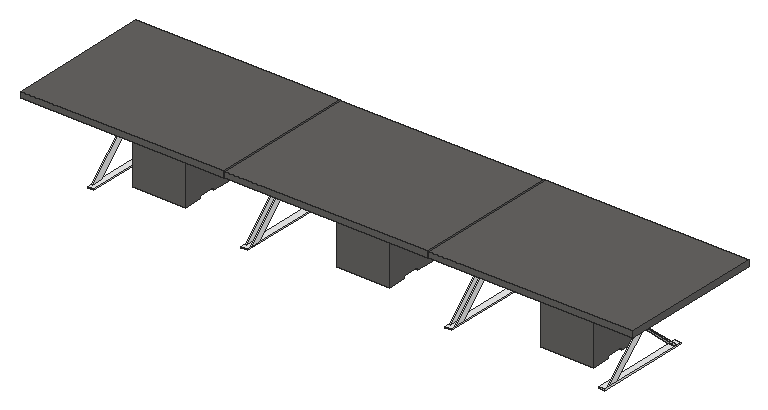
Revit family "Table-Conference-Teknion-ZXTT_X_Leg-R2011", category Furniture, Revit 2013
Parameters (values of type "(See Type Catalog)")
  Width = 228"
  Warranty = "http://www.teknionstudio.com/pdfs/Teknion%20Studio%20Warranty.pdf"
  Unit Weight = 0.00 lbf
  URL = "www.teknionstudio.com"
  Table Top Finish [instance] = Veneer - Teknion - P7 - Grey Oak
  Series = "B&B Italia"
  Product Page URL = "http://www.teknionstudio.com/acexecutive/"
  Product Line = "AC Executive"
  Product Documentation Link = "http://www.teknionstudio.com/pricing/ac_executive_ppg.pdf"
  Part Number = "ZXTT"
  Model = ""
  Manufacturer Phone = "919-464-2920"
  Manufacturer Fax = "919-464-2927"
  Manufacturer Email = "customersupport@teknionstudio.com"
  Manufacturer Address = "3941 US 70 Business HWY West, Clayton, NC 27520"
  Manufacturer = "Teknion Studio"  # constant formula
  Low Emitting Material = yes
  Low Emitting Finish = yes
  Height = 30"  # constant formula
  Frame Finish = Metal - Teknion - C6 - Chrome
  Description = ""
  Depth = 54"
  Assembly Code = "E2020200"
Reference planes (in)
  plane 1 "Center F/B": y = 0
  plane 2: z = 0
  plane 3 "Center L/R": x = 0
  plane 4 "Left": x = -114
  plane 5 "Right": x = 114
  plane 6 "Back": y = 27
  plane 7 "Front": y = -27
  plane 8 "Top": z = 30
  plane 9: z = 27.9528
  plane 10: y = 17.71654
  plane 11: y = -17.71654
  plane 12: x = -96.2755
  plane 13: x = 96.27548
  plane 14: x = -38
  plane 15: x = 38
  plane 16: x = -76
  plane 17: x = 76
Forms (in)
  Sweep 1, solid, material "Metal - Teknion - C6 - Chrome" <- "Frame Finish"
    path origin (0, 0, 30) x (-1, 0, 0) y (0, -1, 0)
      loop
        line (0, -17.71654) -> (0, 17.71654)
    profile origin (0, 0, 30) x (1, 0, 0) y (0, 0, 1)
      loop
        line (-96.2755, -2.0472) -> (-96.2755, -2.4409) -> (-93.9133, -2.4409) -> (-93.9133, -2.0472) -> (-96.2755, -2.0472)
      loop
        line (96.27548, -2.0472) -> (93.91328, -2.0472) -> (93.91328, -2.4409) -> (96.27548, -2.4409) -> (96.27548, -2.0472)
      loop
        line (96.27548, -29.6063) -> (93.91328, -29.6063) -> (93.91328, -30) -> (96.27548, -30) -> (96.27548, -29.6063)
      loop
        line (-96.2755, -29.6063) -> (-96.2755, -30) -> (-93.9133, -30) -> (-93.9133, -29.6063) -> (-96.2755, -29.6063)
      loop
        line (-39.1811, -2.0472) -> (-39.1811, -2.4409) -> (-36.8189, -2.4409) -> (-36.8189, -2.0472) -> (-39.1811, -2.0472)
      loop
        line (-39.1811, -29.6063) -> (-39.1811, -30) -> (-36.8189, -30) -> (-36.8189, -29.6063) -> (-39.1811, -29.6063)
      loop
        line (36.8189, -2.0472) -> (36.8189, -2.4409) -> (39.1811, -2.4409) -> (39.1811, -2.0472) -> (36.8189, -2.0472)
      loop
        line (36.8189, -29.6063) -> (36.8189, -30) -> (39.1811, -30) -> (39.1811, -29.6063) -> (36.8189, -29.6063)
  Sweep 2, solid, material "Metal - Teknion - C6 - Chrome" <- "Frame Finish"
    path origin (0, 0, 0) x (1, 0, 0) y (0, 0, 1)
      loop
        line (-96.2755, 0) -> (-95.8818, 0)
    profile origin (-96.07865, 0, 0) x (0, 0, 1) y (0, -1, 0)
      loop
        line (27.5591, -12.34961) -> (0.3937, 15.74803) -> (0.3937, 12.34957) -> (27.5591, -15.74808) -> (27.5591, -12.34961)
  Sweep 3, solid, material "Metal - Teknion - C6 - Chrome" <- "Frame Finish"
    path origin (79.6063, 0, 0) x (1, 0, 0) y (0, 0, 1)
      loop
        line (16.27548, 0) -> (16.66918, 0)
    profile origin (96.07863, 0, 0) x (0, 0, 1) y (0, -1, 0)
      loop
        line (27.5591, -15.74808) -> (27.5591, -12.34961) -> (0.3937, 15.74803) -> (0.3937, 12.34957) -> (27.5591, -15.74808)
  Sweep 4, solid, material "Metal - Teknion - C6 - Chrome" <- "Frame Finish"
    path origin (0, 0, 0) x (1, 0, 0) y (0, 0, 1)
      loop
        line (-93.9133, 0) -> (-96.2755, 0)
    profile origin (-95.0944, 0, 0) x (0, 0, -1) y (0, -1, 0)
      loop
        line (-27.55915, 15.74814) -> (-27.55915, 15.15186) -> (-0.39369, -15.74804) -> (-0.39369, -15.15176) -> (-27.55915, 15.74814)
  Sweep 5, solid, material "Metal - Teknion - C6 - Chrome" <- "Frame Finish"
    path origin (0, 0, 0) x (-1, 0, 0) y (0, 0, 1)
      loop
        line (-93.91328, 0) -> (-96.27548, 0)
    profile origin (95.09438, 0, 0) x (0, 0, 1) y (0, -1, 0)
      loop
        line (27.55915, 15.15186) -> (27.55915, 15.74814) -> (0.39369, -15.15176) -> (0.39369, -15.74804) -> (27.55915, 15.15186)
  Sweep 6, solid, material "Metal - Teknion - C6 - Chrome" <- "Frame Finish"
    path origin (0, 0, 30) x (-1, 0, 0) y (0, -1, 0)
      loop
        line (96.2755, 0) -> (-96.27548, 0)
    profile origin (-0.00001, 0, 30) x (0, 1, 0) y (0, 0, 1)
      loop
        line (11.60094, -5.90283) -> (9.88694, -7.55995) -> (10.17452, -7.82954) -> (11.87278, -6.18762) -> (11.60094, -5.90283)
      loop
        line (-11.67496, -5.49755) -> (-11.9349, -5.79323) -> (-10.16085, -7.35288) -> (-9.9009, -7.0572) -> (-11.67496, -5.49755)
  Sweep 7, solid, material "Veneer - Teknion - P7 - Grey Oak" <- "Table Top Finish"
    path origin (0, 0, 30) x (-1, 0, 0) y (0, -1, 0)
      loop
        line (-66.138, 0) -> (-85.862, 0)
    profile origin (76, 0, 30) x (0, 1, 0) y (0, 0, 1)
      loop
        line (-9.862, -2.0472) -> (-9.862, -29.49924) -> (-3.431, -29.49924) -> (-3.431, -28.99924)
        arc (-3.431, -28.99924) -> (-3.28455, -28.64569) -> (-2.931, -28.49924) r 0.5
        line (-2.931, -28.49924) -> (2.931, -28.49924)
        arc (2.931, -28.49924) -> (3.28455, -28.64569) -> (3.431, -28.99924) r 0.5
        line (3.431, -28.99924) -> (3.431, -29.49924) -> (9.862, -29.49924) -> (9.862, -2.0472) -> (6.862, -2.0472) -> (6.862, -3.54724)
        arc (6.862, -3.54724) -> (6.71555, -3.9008) -> (6.362, -4.04724) r 0.5
        line (6.362, -4.04724) -> (-6.362, -4.04724)
        arc (-6.362, -4.04724) -> (-6.71555, -3.9008) -> (-6.862, -3.54724) r 0.5
        line (-6.862, -3.54724) -> (-6.862, -2.0472) -> (-9.862, -2.0472)
      loop
        arc (-2.931, -8.60376) -> (-3.28455, -8.7502) -> (-3.431, -9.10376) r 0.5
        line (-3.431, -9.10376) -> (-3.431, -10.10376)
        arc (-3.431, -10.10376) -> (-3.28455, -10.45731) -> (-2.931, -10.60376) r 0.5
        line (-2.931, -10.60376) -> (2.931, -10.60376)
        arc (2.931, -10.60376) -> (3.28455, -10.45731) -> (3.431, -10.10376) r 0.5
        line (3.431, -10.10376) -> (3.431, -9.10376)
        arc (3.431, -9.10376) -> (3.28455, -8.7502) -> (2.931, -8.60376) r 0.5
        line (2.931, -8.60376) -> (-2.931, -8.60376)
  Sweep 8, solid, material "Metal - Teknion - C6 - Chrome" <- "Frame Finish"
    path origin (0, 0, 0) x (1, 0, 0) y (0, 0, 1)
      loop
        line (0, 0) -> (0, 0.50076)
    profile origin (0, 0, 0.25038) x (-1, 0, 0) y (0, -1, 0)
      loop
        circle (-82.862, -6.862) r 1
      loop
        circle (-69.138, -6.862) r 1
      loop
        circle (-69.138, 6.862) r 1
      loop
        circle (-82.862, 6.862) r 1
      loop
        circle (-6.98012, -6.862) r 1
      loop
        circle (6.74388, -6.862) r 1
      loop
        circle (6.74388, 6.862) r 1
      loop
        circle (-6.98012, 6.862) r 1
      loop
        circle (69.138, -6.862) r 1
      loop
        circle (82.862, -6.862) r 1
      loop
        circle (82.862, 6.862) r 1
      loop
        circle (69.138, 6.862) r 1
  Sweep 9, solid, material "Metal - Teknion - C6 - Chrome" <- "Frame Finish"
    path origin (0, 0, 30) x (-1, 0, 0) y (0, -1, 0)
      loop
        line (36.8189, 0) -> (37.2126, 0)
    profile origin (-37.01575, 0, 30) x (0, -1, 0) y (0, 0, 1)
      loop
        line (-15.74808, -2.4409) -> (12.34957, -29.6063) -> (15.74803, -29.6063) -> (-12.34961, -2.4409) -> (-15.74808, -2.4409)
  Sweep 10, solid, material "Metal - Teknion - C6 - Chrome" <- "Frame Finish"
    path origin (0, 0, 30) x (-1, 0, 0) y (0, -1, 0)
      loop
        line (39.1811, 0) -> (38.7874, 0)
    profile origin (-38.98425, 0, 30) x (0, 1, 0) y (0, 0, 1)
      loop
        line (12.34961, -2.4409) -> (-15.74803, -29.6063) -> (-12.34957, -29.6063) -> (15.74808, -2.4409) -> (12.34961, -2.4409)
  Sweep 11, solid, material "Metal - Teknion - C6 - Chrome" <- "Frame Finish"
    path origin (0, 0, 30) x (-1, 0, 0) y (0, -1, 0)
      loop
        line (39.1811, 0) -> (36.8189, 0)
    profile origin (-38, 0, 30) x (0, 1, 0) y (0, 0, 1)
      loop
        line (15.74803, -29.6063) -> (-15.15181, -2.4409) -> (-15.74808, -2.4409) -> (15.15175, -29.6063) -> (15.74803, -29.6063)
  Sweep 12, solid, material "Veneer - Teknion - P7 - Grey Oak" <- "Table Top Finish"
    path origin (0, 0, 30) x (-1, 0, 0) y (0, -1, 0)
      loop
        line (66.138, 0) -> (85.862, 0)
    profile origin (-76, 0, 30) x (0, -1, 0) y (0, 0, 1)
      loop
        arc (-6.362, -4.04724) -> (-6.71555, -3.9008) -> (-6.862, -3.54724) r 0.5
        line (-6.862, -3.54724) -> (-6.862, -2.0472) -> (-9.862, -2.0472) -> (-9.862, -29.49924) -> (-3.431, -29.49924) -> (-3.431, -28.99924)
        arc (-3.431, -28.99924) -> (-3.28455, -28.64569) -> (-2.931, -28.49924) r 0.5
        line (-2.931, -28.49924) -> (2.931, -28.49924)
        arc (2.931, -28.49924) -> (3.28455, -28.64569) -> (3.431, -28.99924) r 0.5
        line (3.431, -28.99924) -> (3.431, -29.49924) -> (9.862, -29.49924) -> (9.862, -2.0472) -> (6.862, -2.0472) -> (6.862, -3.54724)
        arc (6.862, -3.54724) -> (6.71555, -3.9008) -> (6.362, -4.04724) r 0.5
        line (6.362, -4.04724) -> (-6.362, -4.04724)
      loop
        line (2.931, -8.60376) -> (-2.931, -8.60376)
        arc (-2.931, -8.60376) -> (-3.28455, -8.7502) -> (-3.431, -9.10376) r 0.5
        line (-3.431, -9.10376) -> (-3.431, -10.10376)
        arc (-3.431, -10.10376) -> (-3.28455, -10.45731) -> (-2.931, -10.60376) r 0.5
        line (-2.931, -10.60376) -> (2.931, -10.60376)
        arc (2.931, -10.60376) -> (3.28455, -10.45731) -> (3.431, -10.10376) r 0.5
        line (3.431, -10.10376) -> (3.431, -9.10376)
        arc (3.431, -9.10376) -> (3.28455, -8.7502) -> (2.931, -8.60376) r 0.5
  Sweep 13, solid, material "Metal - Teknion - C6 - Chrome" <- "Frame Finish"
    path origin (0, 0, 30) x (-1, 0, 0) y (0, -1, 0)
      loop
        line (-36.8189, 0) -> (-39.1811, 0)
    profile origin (38, 0, 30) x (0, 1, 0) y (0, 0, 1)
      loop
        line (15.74803, -29.6063) -> (-15.15181, -2.4409) -> (-15.74808, -2.4409) -> (15.15175, -29.6063) -> (15.74803, -29.6063)
  Sweep 14, solid, material "Metal - Teknion - C6 - Chrome" <- "Frame Finish"
    path origin (0, 0, 30) x (-1, 0, 0) y (0, -1, 0)
      loop
        line (-39.1811, 0) -> (-38.7874, 0)
    profile origin (38.98425, 0, 30) x (0, -1, 0) y (0, 0, 1)
      loop
        line (-15.74808, -2.4409) -> (12.34957, -29.6063) -> (15.74803, -29.6063) -> (-12.34961, -2.4409) -> (-15.74808, -2.4409)
  Sweep 15, solid, material "Metal - Teknion - C6 - Chrome" <- "Frame Finish"
    path origin (0, 0, 30) x (-1, 0, 0) y (0, -1, 0)
      loop
        line (-36.8189, 0) -> (-37.2126, 0)
    profile origin (37.01575, 0, 30) x (0, 1, 0) y (0, 0, 1)
      loop
        line (12.34961, -2.4409) -> (-15.74803, -29.6063) -> (-12.34957, -29.6063) -> (15.74808, -2.4409) -> (12.34961, -2.4409)
  Sweep 16, solid, material "Veneer - Teknion - P7 - Grey Oak" <- "Table Top Finish"
    path origin (0, 0, 30) x (-1, 0, 0) y (0, -1, 0)
      loop
        line (9.862, 0) -> (-9.862, 0)
    profile origin (0, 0, 30) x (0, 1, 0) y (0, 0, 1)
      loop
        line (-9.862, -2.0472) -> (-9.862, -29.49924) -> (-3.431, -29.49924) -> (-3.431, -28.99924)
        arc (-3.431, -28.99924) -> (-3.28455, -28.64569) -> (-2.931, -28.49924) r 0.5
        line (-2.931, -28.49924) -> (2.931, -28.49924)
        arc (2.931, -28.49924) -> (3.28455, -28.64569) -> (3.431, -28.99924) r 0.5
        line (3.431, -28.99924) -> (3.431, -29.49924) -> (9.862, -29.49924) -> (9.862, -2.0472) -> (6.862, -2.0472) -> (6.862, -3.54724)
        arc (6.862, -3.54724) -> (6.71555, -3.9008) -> (6.362, -4.04724) r 0.5
        line (6.362, -4.04724) -> (-6.362, -4.04724)
        arc (-6.362, -4.04724) -> (-6.71555, -3.9008) -> (-6.862, -3.54724) r 0.5
        line (-6.862, -3.54724) -> (-6.862, -2.0472) -> (-9.862, -2.0472)
      loop
        arc (-2.931, -8.60376) -> (-3.28455, -8.7502) -> (-3.431, -9.10376) r 0.5
        line (-3.431, -9.10376) -> (-3.431, -10.10376)
        arc (-3.431, -10.10376) -> (-3.28455, -10.45731) -> (-2.931, -10.60376) r 0.5
        line (-2.931, -10.60376) -> (2.931, -10.60376)
        arc (2.931, -10.60376) -> (3.28455, -10.45731) -> (3.431, -10.10376) r 0.5
        line (3.431, -10.10376) -> (3.431, -9.10376)
        arc (3.431, -9.10376) -> (3.28455, -8.7502) -> (2.931, -8.60376) r 0.5
        line (2.931, -8.60376) -> (-2.931, -8.60376)
  Sweep 17, solid, material "Veneer - Teknion - P7 - Grey Oak" <- "Table Top Finish"
    path origin (0, 0, 30) x (-1, 0, 0) y (0, -1, 0)
      loop
        line (0, -27) -> (0, 27)
    profile origin (0, 0, 30) x (1, 0, 0) y (0, 0, 1)
      loop
        line (-114, 0) -> (-114, -2.0472) -> (-38.03125, -2.0472) -> (-38.03125, 0) -> (-114, 0)
      loop
        line (-37.96875, -2.0472) -> (37.96875, -2.0472) -> (37.96875, 0) -> (-37.96875, 0) -> (-37.96875, -2.0472)
      loop
        line (38.03125, 0) -> (38.03125, -2.0472) -> (114, -2.0472) -> (114, 0) -> (38.03125, 0)
Cuts and joins
  joined: Sweep 2, Sweep 3, Sweep 4, Sweep 5, Sweep 6, Sweep 9, Sweep 10, Sweep 11, Sweep 13, Sweep 14, Sweep 15
Lines and regions (in)
  Masking region 1
    outline origin (0, 0, 30) x (-1, 0, 0) y (0, -1, 0)
      loop
        line (114, -27) -> (114, 27) -> (-114, 27) -> (-114, -27) -> (114, -27)
  symbolic lines, style "FurnitureHiddenLines", detail levels medium+fine
    curve 1: line (-96.2755, 17.71654, 30) -> (-93.9133, 17.71654, 30)
    curve 2: line (-93.9133, 17.71654, 30) -> (-93.9133, -17.71654, 30)
    curve 3: line (-93.9133, -17.71654, 30) -> (-96.2755, -17.71654, 30)
    curve 4: line (96.27548, 17.71654, 30) -> (93.91328, 17.71654, 30)
    curve 5: line (93.91328, 17.71654, 30) -> (93.91328, -17.71654, 30)
    curve 6: line (93.91328, -17.71654, 30) -> (96.27548, -17.71654, 30)
    curve 7: line (-96.2755, 17.71654, 30) -> (-96.2755, -17.71654, 30)
    curve 8: line (96.27548, 17.71654, 30) -> (96.27548, -17.71654, 30)
    curve 17: line (-39.1811, 17.71654, 30) -> (-36.8189, 17.71654, 30)
    curve 18: line (-36.8189, 17.71654, 30) -> (-36.8189, -17.71654, 30)
    curve 19: line (-36.8189, -17.71654, 30) -> (-39.1811, -17.71654, 30)
    curve 20: line (-39.1811, 17.71654, 30) -> (-39.1811, -17.71654, 30)
    curve 21: line (36.8189, 17.71654, 30) -> (39.1811, 17.71654, 30)
    curve 22: line (39.1811, 17.71654, 30) -> (39.1811, -17.71654, 30)
    curve 23: line (39.1811, -17.71654, 30) -> (36.8189, -17.71654, 30)
    curve 24: line (36.8189, 17.71654, 30) -> (36.8189, -17.71654, 30)
  symbolic lines, style "FurnitureHiddenLines", detail levels fine
    curve 9: line (66.11236, 9.88694, 30) -> (85.88764, 9.88694, 30)
    curve 10: line (66.11236, -9.9009, 30) -> (66.11236, 9.88694, 30)
    curve 11: line (85.88764, -9.9009, 30) -> (66.11236, -9.9009, 30)
    curve 12: line (-66.11235, 9.88694, 30) -> (-85.88765, 9.88694, 30)
    curve 13: line (-66.11235, -9.9009, 30) -> (-66.11235, 9.88694, 30)
    curve 14: line (-85.88765, -9.9009, 30) -> (-66.11235, -9.9009, 30)
    curve 25: line (85.88764, -9.9009, 30) -> (85.88764, 9.88694, 30)
    curve 26: line (-85.88765, -9.9009, 30) -> (-85.88765, 9.88694, 30)
    curve 27: line (9.88765, 9.88694, 30) -> (-9.88765, 9.88694, 30)
    curve 28: line (9.88765, -9.9009, 30) -> (9.88765, 9.88694, 30)
    curve 29: line (-9.88765, -9.9009, 30) -> (9.88765, -9.9009, 30)
    curve 30: line (-9.88765, -9.9009, 30) -> (-9.88765, 9.88694, 30)
  symbolic lines, style "Tabletop"
    curve 15: line (-38, -27, 30) -> (-38, 27, 30)
    curve 16: line (38, 27, 30) -> (38, -27, 30)
Dimensions and locks (in)
  "Height": plane 8 "Top" to plane 2
  equal spacing: plane 4 "Left", plane 3 "Center L/R", plane 5 "Right"
  "Width": plane 4 "Left" to plane 5 "Right"
  equal spacing: plane 6 "Back", plane 1 "Center F/B", plane 7 "Front"
  "Depth": plane 6 "Back" to plane 7 "Front"
  locked: plane 8 "Top" to plane 9 at 2.0472
  locked: plane 9 to Sweep 1 sketch curve at 0.3937  (x4)
  locked: Sweep 1 sketch curve to plane 13 at 2.3622  (x2)
  locked: Sweep 1 sketch curve to plane 2 at 0.3937  (x4)
  locked: plane 1 "Center F/B" to plane 10 at 17.71654
  equal spacing: plane 10, plane 1 "Center F/B", plane 11
  locked: Sweep 2 sketch curve to plane 12 at 0.3937
  locked: plane 9 to Sweep 2 sketch curve at 0.3937
  locked: Sweep 2 sketch curve to plane 2 at 0.3937
  Sweep 2 sketch curve to plane 1 "Center F/B" to Sweep 2 sketch curve = 15.74808" locked, 15.74803" locked
  locked: plane 13 to Sweep 3 sketch curve at 0.3937
  locked: plane 9 to Sweep 3 sketch curve at 0.3937
  locked: Sweep 3 sketch curve to plane 2 at 0.3937
  Sweep 3 sketch curve to plane 1 "Center F/B" to Sweep 3 sketch curve = 15.74808" locked, 15.74803" locked
  locked: Sweep 4 sketch curve to plane 12 at 2.3622
  locked: plane 9 to Sweep 4 sketch curve at 0.39365
  locked: Sweep 4 sketch curve to plane 2 at 0.39369
  Sweep 4 sketch curve to plane 1 "Center F/B" to Sweep 4 sketch curve = 15.74804" locked, 15.74814" locked
  locked: plane 13 to Sweep 5 sketch curve at 2.3622
  locked: plane 9 to Sweep 5 sketch curve at 0.39365
  locked: Sweep 5 sketch curve to plane 2 at 0.39369
  Sweep 5 sketch curve to plane 1 "Center F/B" to Sweep 5 sketch curve = 15.74804" locked, 15.74814" locked
  plane 8 "Top" to Sweep 6 sketch curve to Sweep 6 sketch curve = 5.90283" locked, 1.92671" locked
  locked: plane 12 to curve 2 at 2.3622
  locked: curve 5 to plane 13 at 2.3622
  locked: plane 13 to plane 5 "Right" at 17.72452
  locked: plane 4 "Left" to plane 12 at 17.7245
  locked: Sweep 1 sketch curve to plane 12 at 2.3622  (x2)
  locked: Sweep 5 sketch curve to Sweep 5 sketch curve at 0.3937
  locked: Sweep 3 sketch curve to Sweep 3 sketch curve at 2.3622
  locked: Sweep 2 sketch curve to Sweep 2 sketch curve at 2.3622
  Sweep 6 sketch curve to Sweep 6 sketch curve to plane 10 = 1.98584" locked, 5 27/32" locked
  locked: Sweep 6 sketch curve to Sweep 6 sketch curve at 0.3937  (x2)
  plane 11 to Sweep 6 sketch curve to Sweep 6 sketch curve = 6.04158" locked, 1.77406" locked
  plane 8 "Top" to Sweep 6 sketch curve to Sweep 6 sketch curve = 5.79323" locked, 1.55965" locked
  plane 9 to Sweep 7 sketch curve to Sweep 7 sketch curve to Sweep 7 sketch curve to Sweep 7 sketch curve to Sweep 7 sketch curve = 2.00004" locked, 4.55651" locked, 2" locked, 17.89549" locked, 1" locked
  Sweep 7 sketch curve to plane 1 "Center F/B" to Sweep 7 sketch curve = 9.862" locked, 9.862" locked
  Sweep 7 sketch curve to plane 1 "Center F/B" to Sweep 7 sketch curve = 3.431" locked, 3.431" locked  (x2)
  Sweep 7 sketch curve to plane 1 "Center F/B" to Sweep 7 sketch curve = 6.862" locked, 6.862" locked
  locked: Sweep 8 sketch curve to plane 2 at 0.50076
  curve 11 to plane 1 "Center F/B" to curve 9 = 9.9009" locked, 9.88694" locked
  locked: plane 9 to Sweep 9 sketch curve at 0.3937
  locked: Sweep 9 sketch curve to plane 2 at 0.3937
  Sweep 9 sketch curve to Sweep 9 sketch curve to plane 1 "Center F/B" = 3.39847" locked, 12.34957" locked
  plane 1 "Center F/B" to Sweep 9 sketch curve to Sweep 9 sketch curve = 12.34961" locked, 3.39847" locked
  locked: Sweep 9 sketch curve to Sweep 9 sketch curve at 2.3622
  locked: plane 9 to Sweep 10 sketch curve at 0.3937
  locked: Sweep 10 sketch curve to plane 2 at 0.3937
  locked: Sweep 10 sketch curve to Sweep 10 sketch curve at 2.3622
  Sweep 10 sketch curve to Sweep 10 sketch curve to plane 1 "Center F/B" = 3.39847" locked, 12.34957" locked
  plane 1 "Center F/B" to Sweep 10 sketch curve to Sweep 10 sketch curve = 12.34961" locked, 3.39847" locked
  locked: Sweep 7 sketch curve to Sweep 7 sketch curve at 19.724
  locked: plane 9 to Sweep 11 sketch curve at 0.3937
  locked: Sweep 11 sketch curve to plane 2 at 0.3937
  Sweep 11 sketch curve to Sweep 11 sketch curve to plane 1 "Center F/B" = 0.59628" locked, 15.15181" locked
  plane 1 "Center F/B" to Sweep 11 sketch curve to Sweep 11 sketch curve = 15.15175" locked, 0.59628" locked
  locked: Sweep 11 sketch curve to Sweep 11 sketch curve at 0.3937
  locked: Sweep 12 sketch curve to plane 2 at 0.50076  (x2)
  locked: Sweep 12 sketch curve to plane 2 at 1.50076
  Sweep 12 sketch curve to plane 1 "Center F/B" to Sweep 12 sketch curve = 3.431" locked, 3.431" locked  (x2)
  plane 9 to Sweep 12 sketch curve to Sweep 12 sketch curve = 6.55656" locked, 2" locked
  Sweep 12 sketch curve to plane 1 "Center F/B" to Sweep 12 sketch curve = 6.862" locked, 6.862" locked
  locked: plane 9 to Sweep 12 sketch curve at 2.00004
  curve 14 to plane 1 "Center F/B" to curve 12 = 9.9009" locked, 9.88694" locked
  locked: Sweep 1 sketch curve to Sweep 1 sketch curve at 2.3622  (x4)
  locked: Sweep 11 sketch curve to Sweep 11 sketch curve at 2.3622
  locked: Sweep 13 sketch curve to plane 2 at 0.3937
  locked: plane 9 to Sweep 13 sketch curve at 0.3937
  Sweep 13 sketch curve to Sweep 13 sketch curve to plane 1 "Center F/B" = 0.59628" locked, 15.15181" locked
  plane 1 "Center F/B" to Sweep 13 sketch curve to Sweep 13 sketch curve = 15.15175" locked, 0.59628" locked
  locked: plane 9 to Sweep 14 sketch curve at 0.3937
  locked: Sweep 14 sketch curve to plane 2 at 0.3937
  locked: Sweep 14 sketch curve to Sweep 14 sketch curve at 2.3622
  Sweep 14 sketch curve to Sweep 14 sketch curve to plane 1 "Center F/B" = 3.39847" locked, 12.34957" locked
  plane 1 "Center F/B" to Sweep 14 sketch curve to Sweep 14 sketch curve = 12.34961" locked, 3.39847" locked
  locked: plane 9 to Sweep 15 sketch curve at 0.3937
  locked: Sweep 15 sketch curve to plane 2 at 0.3937
  Sweep 15 sketch curve to Sweep 15 sketch curve to plane 1 "Center F/B" = 3.39847" locked, 12.34957" locked
  plane 1 "Center F/B" to Sweep 15 sketch curve to Sweep 15 sketch curve = 12.34961" locked, 3.39847" locked
  Sweep 16 sketch curve to plane 3 "Center L/R" to Sweep 16 sketch curve = 9.862" locked, 9.862" locked
  Sweep 16 sketch curve to plane 1 "Center F/B" to Sweep 16 sketch curve = 9.862" locked, 9.862" locked
  Sweep 16 sketch curve to plane 1 "Center F/B" to Sweep 16 sketch curve = 6.862" locked, 6.862" locked
  Sweep 16 sketch curve to plane 1 "Center F/B" to Sweep 16 sketch curve = 3.431" locked, 3.431" locked  (x2)
  locked: Sweep 16 sketch curve to plane 2 at 1.50076
  locked: Sweep 16 sketch curve to plane 2 at 0.50076  (x2)
  locked: plane 9 to Sweep 16 sketch curve at 2.00004
  plane 9 to Sweep 16 sketch curve to Sweep 16 sketch curve = 6.55656" locked, 2" locked
  Sweep 12 sketch curve to plane 1 "Center F/B" to Sweep 12 sketch curve = 9.862" locked, 9.862" locked
  Sweep 8 sketch curve to plane 3 "Center L/R" to Sweep 8 sketch curve = 6.74388" locked, 6.98012" locked  (x2)
  Sweep 8 sketch curve to plane 1 "Center F/B" to Sweep 8 sketch curve = 6.862" locked, 6.862" locked  (x6)
  locked: Sweep 8 sketch curve to Sweep 8 sketch curve at 13.724  (x4)
  equal spacing: plane 4 "Left", plane 14, plane 15, plane 5 "Right"
  equal spacing: Sweep 1 sketch curve, plane 14, Sweep 1 sketch curve  (x2)
  equal spacing: Sweep 1 sketch curve, plane 15, Sweep 1 sketch curve  (x2)
  equal spacing: Sweep 11 sketch curve, plane 14, Sweep 11 sketch curve
  plane 14 to Sweep 9 sketch curve to Sweep 9 sketch curve = 0.7874" locked, 0.3937" locked
  Sweep 10 sketch curve to Sweep 10 sketch curve to plane 14 = 0.3937" locked, 0.7874" locked
  equal spacing: Sweep 13 sketch curve, plane 15, Sweep 13 sketch curve
  locked: Sweep 13 sketch curve to Sweep 13 sketch curve at 2.3622
  plane 15 to Sweep 14 sketch curve to Sweep 14 sketch curve = 0.7874" locked, 0.3937" locked
  Sweep 15 sketch curve to Sweep 15 sketch curve to plane 15 = 0.3937" locked, 0.7874" locked
  equal spacing: plane 4 "Left", plane 16, plane 14
  equal spacing: plane 15, plane 17, plane 5 "Right"
  locked: Sweep 12 sketch curve to Sweep 12 sketch curve at 19.724
  equal spacing: Sweep 12 sketch curve, plane 16, Sweep 12 sketch curve, locked at 9.862 each
  equal spacing: Sweep 7 sketch curve, plane 17, Sweep 7 sketch curve, locked at 9.862 each
  equal spacing: Sweep 8 sketch curve, plane 17, Sweep 8 sketch curve, locked at 6.862 each  (x2)
  equal spacing: Sweep 8 sketch curve, plane 16, Sweep 8 sketch curve, locked at 6.862 each  (x2)
  equal spacing: curve 20, plane 14, curve 18, locked at 1.1811 each
  curve 24 to plane 15 to curve 22 = 1.1811" locked, 1.1811" locked
  curve 10 to plane 17 to curve 25 = 9.88764" locked, 9.88764" locked
  curve 26 to plane 16 to curve 13 = 9.88765" locked, 9.88765" locked
  curve 29 to plane 1 "Center F/B" to curve 27 = 9.9009" locked, 9.88694" locked
  curve 30 to plane 3 "Center L/R" to curve 28 = 9.88765" locked, 9.88765" locked
  locked: plane 15 to Sweep 17 sketch curve at 0.03125  (x2)
  locked: Sweep 17 sketch curve to plane 14 at 0.03125
  locked: plane 14 to Sweep 17 sketch curve at 0.03125
  aligned and locked: plane 2 to level
  aligned and locked: Sweep 1 sketch curve to plane 3 "Center L/R"
  aligned and locked: plane 10 to Sweep 1 sketch curve
  aligned and locked: plane 11 to Sweep 1 sketch curve
  aligned and locked: Sweep 1 sketch curve to plane 9  (x2)
  aligned and locked: Sweep 1 sketch curve to plane 2
  aligned and locked: plane 9 to Sweep 1 sketch curve
  aligned and locked: plane 2 to Sweep 1 sketch curve  (x2)
  aligned and locked: Sweep 2 sketch curve to plane 2
  aligned and locked: Sweep 3 sketch curve to plane 2
  aligned and locked: plane 2 to Sweep 4 sketch curve
  aligned and locked: Sweep 5 sketch curve to plane 2
  aligned and locked: plane 1 "Center F/B" to Sweep 6 sketch curve
  aligned and locked: Masking region 1 sketch curve to plane 6 "Back"
  aligned and locked: Masking region 1 sketch curve to plane 7 "Front"
  aligned and locked: Masking region 1 sketch curve to plane 5 "Right"
  aligned and locked: Masking region 1 sketch curve to plane 4 "Left"
  aligned and locked: plane 11 to curve 3
  aligned and locked: curve 1 to plane 10
  aligned and locked: curve 6 to plane 11
  aligned and locked: plane 12 to Sweep 1 sketch curve  (x2)
  aligned and locked: plane 13 to Sweep 1 sketch curve  (x2)
  aligned and locked: plane 13 to Sweep 3 sketch curve
  aligned and locked: plane 12 to Sweep 2 sketch curve
  aligned and locked: plane 12 to Sweep 4 sketch curve
  aligned and locked: plane 13 to Sweep 5 sketch curve
  aligned and locked: plane 13 to Sweep 6 sketch curve
  aligned and locked: plane 12 to Sweep 6 sketch curve
  aligned and locked: plane 1 "Center F/B" to Sweep 7 sketch curve
  aligned and locked: Sweep 7 sketch curve to plane 9  (x2)
  aligned and locked: plane 2 to Sweep 8 sketch curve
  aligned and locked: plane 3 "Center L/R" to Sweep 8 sketch curve
  aligned and locked: curve 7 to plane 12
  aligned and locked: plane 11 to curve 7
  aligned and locked: curve 8 to plane 13
  aligned and locked: plane 11 to curve 8
  aligned and locked: Sweep 9 sketch curve to plane 1 "Center F/B"
  aligned and locked: plane 1 "Center F/B" to Sweep 10 sketch curve
  aligned and locked: plane 1 "Center F/B" to Sweep 11 sketch curve
  aligned and locked: Sweep 12 sketch curve to plane 1 "Center F/B"
  aligned and locked: plane 9 to Sweep 12 sketch curve  (x2)
  aligned and locked: plane 10 to curve 4
  aligned and locked: plane 6 "Back" to curve 15
  aligned and locked: plane 7 "Front" to curve 15
  aligned and locked: plane 1 "Center F/B" to Sweep 13 sketch curve
  aligned and locked: Sweep 14 sketch curve to plane 1 "Center F/B"
  aligned and locked: plane 1 "Center F/B" to Sweep 15 sketch curve
  aligned and locked: plane 1 "Center F/B" to Sweep 16 sketch curve
  aligned and locked: plane 14 to curve 15
  aligned and locked: plane 6 "Back" to curve 16
  aligned and locked: plane 7 "Front" to curve 16
  aligned and locked: plane 15 to curve 16
  aligned and locked: curve 17 to plane 10
  aligned and locked: plane 11 to curve 19
  aligned and locked: curve 21 to plane 10
  aligned and locked: plane 11 to curve 23
  aligned and locked: plane 7 "Front" to Sweep 17 sketch curve
  aligned and locked: plane 6 "Back" to Sweep 17 sketch curve
  aligned and locked: Sweep 17 sketch curve to plane 3 "Center L/R"
  aligned and locked: Sweep 17 sketch curve to plane 8 "Top"  (x2)
  aligned and locked: Sweep 17 sketch curve to plane 5 "Right"
  aligned and locked: plane 9 to Sweep 17 sketch curve  (x2)
  aligned and locked: plane 8 "Top" to Sweep 17 sketch curve
  aligned and locked: Sweep 17 sketch curve to plane 9
  aligned and locked: plane 4 "Left" to Sweep 17 sketch curve
Automatic sketch dimensions
  Sweep 6 sketch curve to Sweep 6 sketch curve = 0.28757"
  Sweep 6 sketch curve to Sweep 6 sketch curve = 0.26959"
  Sweep 3 sketch curve to plane 13 = 0"
  Sweep 2 sketch curve to plane 12 = 0"
  Sweep 4 sketch curve to plane 12 = 0"
  Sweep 5 sketch curve to plane 13 = 0"
  Sweep 1 sketch curve to Sweep 1 sketch curve = 0.3937"  (x2)
  Sweep 4 sketch curve to Sweep 4 sketch curve = 0.59628"  (x2)
  Sweep 7 sketch curve to Sweep 7 sketch curve = 1/2"  (x9)
  Sweep 12 sketch curve to Sweep 12 sketch curve = 1/2"  (x8)
  Sweep 16 sketch curve to Sweep 16 sketch curve = 1/2"  (x7)
  Sweep 16 sketch curve to plane 8 "Top" = 2.0472"
  Sweep 16 sketch curve to Sweep 16 sketch curve = 1.50004"
  Sweep 16 sketch curve to Sweep 16 sketch curve = 0"
  plane 14 to curve 18 = 1.1811"
  radius of Sweep 8 sketch curve = 1"  (x12)
